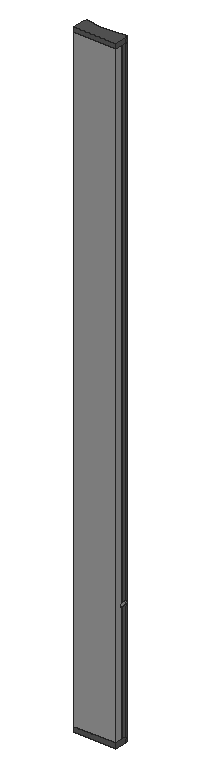
Revit family "JC KONTAKTER JCK158 Armbågskontakt", category Specialty Equipment, host Wall, Revit 2025
Family settings
  Host = Wall
  Round Connector Dimension = Use Diameter
  Part Type = Normal
  Enable Cutting in Views = Yes
  Always vertical = Yes
  Cut with Voids When Loaded = No
  Maintain Annotation Orientation = No
  Shared = No
  Room Calculation Point = No
Parameters (values of type "Armbågskontakt JCK158")
  URL = "https://jckontakter.se/produkt/armbagskontakter-metall/armbagskontakt-med-sparkfunktion-jck158/"
  Tillverkningsland = "Sverige"
  Tillvalsförteckning = "https://jckontakter.se/wp-content/uploads/sites/2/Tillval_metall_2024.pdf"
  Tekniskt produktblad = "https://jckontakter.se/wp-content/uploads/2019/09/Tekniskt-blad_JCK158.pdf"
  Produktvikt = "1.905 kg"
  Placering av armbågskontakt = "https://jckontakter.se/start/nyheter-och-information/armbagskontakter-placering-riktlinjer/"
  Nominell märkström = "12 V - Resistive 6A Inductive L/R 5ms 6A, 24 V - Resistive 6A Inductive L/R 5ms 5A"
  Model = "JCK158"  # constant formula
  Mikrobrytare = "Standard NO IP67"
  Manufacturer = "JC Kontakter"  # constant formula
  Lägsta märkström = "1mA/4 V DC"
  Lid Finish = Aluminum ENAW 6060
  Keynote = ""
  End Cap Finish = POM Tenac C 4520
  Description = "Kombinerad armbågskontakt/sparkkontakt. Lång modell som är tillverkad i svarteloxerad aluminium, med tryckyta upptill och sparkyta i botten.\r\n\r\nJCK158 tillhör en serie armbågskontakter som är kombinerade med sparkkontakt nedtill. Modellerna är särskilt utvecklade för att underlätta för t.ex. sjukhuspersonal att snabbt och enkelt kunna öppna dörrar med t.ex. sängen, armbågen, höften eller foten."  # constant formula
  Default Elevation = 0 mm
  Core Finish = Aluminum ENAW 6060
  CE Dokument = "https://jckontakter.se/wp-content/uploads/CE_Dokument.pdf"
  Assembly Code = ""
  Antal mikrobrytare = 5
Types (2, lengths in mm): name | URL | Tekniskt produktblad | Produktvikt | Nominell märkström | Antal mikrobrytare
  Type 1 | "https://jckontakter.se/produkt/armbagskontakter-metall/armbagskontakt-i-aluminium-jck108/" | "https://jckontakter.se/wp-content/uploads/2019/09/Tekniskt-blad_JCK108.245.pdf" | "0.305 kg" | "0,1A - 10 A/250 V AC" | 2
  Armbågskontakt JCK158 | "https://jckontakter.se/produkt/armbagskontakter-metall/armbagskontakt-med-sparkfunktion-jck158/" | "https://jckontakter.se/wp-content/uploads/2019/09/Tekniskt-blad_JCK158.pdf" | "1.905 kg" | "12 V - Resistive 6A Inductive L/R 5ms 6A, 24 V - Resistive 6A Inductive L/R 5ms 5A" | 5
Reference planes
  plane 1 "Wall": y = 0
  plane 2 "Center (Left/Right)": x = 125
  plane 3 "Back": y = 75
  plane 4 "A": z = 800
Lines and regions (mm)
  Masking region 1
    outline origin (0, 0, -100) x (1, 0, 0) y (0, 0, 1)
      loop
        line (175, 2100) -> (75, 2100) -> (75, 900) -> (175, 900) -> (175, 2100)
  symbolic lines
    curve 1: line (75, 125, 0) -> (175, 125, 0)
    curve 2: line (75, 75, 0) -> (75, 125, 0)
    curve 3: line (175, 75, 0) -> (75, 75, 0)
    curve 4: line (175, 125, 0) -> (175, 75, 0)
    curve 5: line (175, 0, 2000) -> (75, 0, 2000)
    curve 6: line (175, 0, 800) -> (175, 0, 2000)
    curve 7: line (75, 0, 800) -> (175, 0, 800)
    curve 8: line (75, 0, 2000) -> (75, 0, 800)
Text (mm)
  text "Placement Side" at (-1848.837, 1116.779, 0), in view "Ref. Level"
  text "Placement side" at (0, 1409.804, 2854.306), in view "Left"
  text "Placement side" at (0, 499.811, 2980.732), in view "Right"
Dimensions and locks
  locked: plane 3 "Back" to host wall
  locked: curve 3 to curve 1 at 50
  aligned and locked: plane 1 "Wall" to host wall
  aligned and locked: nested 1 to plane 3 "Back"
  aligned and locked: curve 3 to plane 3 "Back"
  aligned and locked: plane 4 "A" to curve 7
  aligned and locked: curve 6 to Masking region 1
  aligned and locked: curve 8 to Masking region 1
Nested families
  nested 1: "AK_158" at (125, 75, 800) x (-1, 0, 0) z (0, 0, 1), type "AK_158", detail levels medium+fine
Definition of nested family "AK_158"
  Parameters (values of type "AK_158")
    URL = "https://jckontakter.se/produkt/armbagskontakter-metall/armbagskontakt-med-sparkfunktion-jck158/"
    Model = "JCK158"  # constant formula
    Middle separator Finish = none
    Manufacturer = "JC Kontakter"  # constant formula
    Lid Finish = none
    End Cap Finish = none
    Description = "Kombinerad armbågskontakt/sparkkontakt. Lång modell som är tillverkad i svarteloxerad aluminium, med tryckyta upptill och sparkyta i botten.\r\n\r\nJCK158 tillhör en serie armbågskontakter som är kombinerade med sparkkontakt nedtill. Modellerna är särskilt utvecklade för att underlätta för t.ex. sjukhuspersonal att snabbt och enkelt kunna öppna dörrar med t.ex. sängen, armbågen, höften eller foten."  # constant formula
    Default Elevation = 0 mm
    Core Finish = none
  Reference planes
    plane 1 "Center (Front/Back)": y = 0
    plane 2: z = 0
    plane 3 "Center (Left/Right)": x = 0
    plane 4 "1": x = 40
    plane 5 "A": z = 9
    plane 6 "B": z = 1191
    plane 7: y = -17.83
    plane 8 "C": z = 236
    plane 9: y = -17.83
  Forms (mm)
    Extrusion 1, solid, material <- "Core Finish"
      sketch origin (40, 0, 9) x (1, 0, 0) y (0, 1, 0)
        loop
          line (-80, 0) -> (-80, -10) -> (-73.2, -10) -> (-73.2, -15) -> (-6, -15) -> (-6, -10) -> (0, -10) -> (0, 0) -> (-80, 0)
      from 0 to 1182
    Extrusion 2, solid, material <- "Lid Finish"
      sketch origin (-40, 0, 9) x (-1, 0, 0) y (0, -1, 0)
        loop
          line (-6.8, 17.58) -> (-6.8, 15) -> (0, 15) -> (0, 23)
          arc (0, 23) -> (-1.864, 26.894) -> (-6.066, 27.885) r 5
          arc (-6.066, 27.885) -> (-40, 24) -> (-73.934, 27.885) r 150.141
          arc (-73.934, 27.885) -> (-78.136, 26.894) -> (-80, 23) r 5
          line (-80, 23) -> (-80, 15) -> (-74, 15) -> (-74, 17.58) -> (-6.8, 17.58)
      from 0 to 226
    Extrusion 3, solid, material <- "End Cap Finish"
      sketch origin (-40, 0, 0) x (1, 0, 0) y (0, 1, 0)
        loop
          arc (0, -23) -> (1.864, -26.894) -> (6.066, -27.885) r 5
          arc (6.066, -27.885) -> (40, -24) -> (73.934, -27.885) r 150.141
          arc (73.934, -27.885) -> (78.136, -26.894) -> (80, -23) r 5
          line (80, -23) -> (80, 0) -> (0, 0) -> (0, -23)
      from 0 to 9
    Extrusion 4, void
      sketch origin (0, 0, 0) x (1, 0, 0) y (0, 1, 0)
        loop
          circle (-29.75, -12.25) r 3.75
        loop
          circle (29.75, -12.25) r 3.75
      from 0 to 4
    Extrusion 5, solid, material <- "End Cap Finish"
      sketch origin (0, 0, 1191) x (-1, 0, 0) y (0, -1, 0)
        loop
          arc (40, 23) -> (38.136, 26.894) -> (33.934, 27.885) r 5
          arc (33.934, 27.885) -> (0, 24) -> (-33.934, 27.885) r 150.141
          arc (-33.934, 27.885) -> (-38.136, 26.894) -> (-40, 23) r 5
          line (-40, 23) -> (-40, 0) -> (40, 0) -> (40, 23)
      from 0 to 9
    Extrusion 6, solid, material <- "Middle separator Finish"
      sketch origin (0, 0, 236) x (-1, 0, 0) y (0, -1, 0)
        loop
          arc (40, 23) -> (38.136, 26.894) -> (33.934, 27.885) r 5
          arc (33.934, 27.885) -> (0, 24) -> (-33.934, 27.885) r 150.141
          arc (-33.934, 27.885) -> (-38.136, 26.894) -> (-40, 23) r 5
          line (-40, 23) -> (-40, 10) -> (-34, 10) -> (-34, 17.58) -> (33.2, 17.58) -> (33.2, 10) -> (40, 10) -> (40, 23)
      from 0 to 5
    Extrusion 7, solid, material <- "Lid Finish"
      sketch origin (0, 0, 236) x (-1, 0, 0) y (0, -1, 0)
        loop
          line (33.2, 17.58) -> (33.2, 15) -> (40, 15) -> (40, 23)
          arc (40, 23) -> (38.136, 26.894) -> (33.934, 27.885) r 5
          arc (33.934, 27.885) -> (0, 24) -> (-33.934, 27.885) r 150.141
          arc (-33.934, 27.885) -> (-38.136, 26.894) -> (-40, 23) r 5
          line (-40, 23) -> (-40, 15) -> (-34, 15) -> (-34, 17.58) -> (33.2, 17.58)
      from 6 to 955
  Cuts and joins
    Extrusion 4 cuts Extrusion 3
  Dimensions and locks
    aligned and locked: level to plane 2
    aligned and locked: plane 6 "B" to Extrusion 1
    aligned and locked: plane 6 "B" to Extrusion 7
